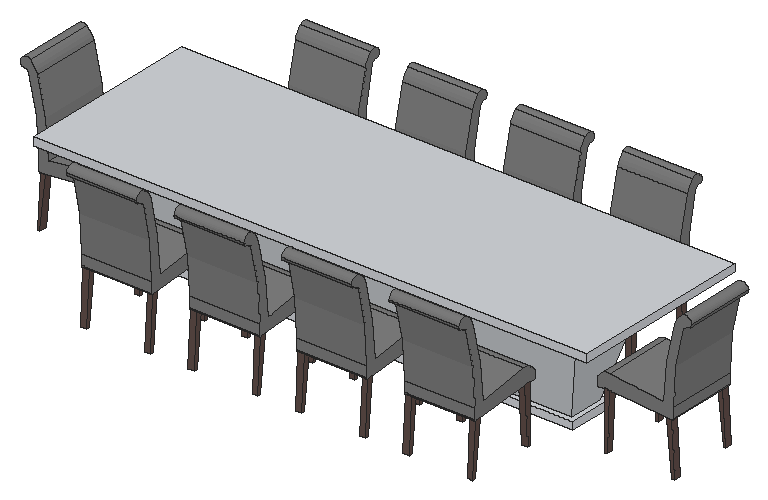
Revit family "Custom Size Dining Table", category Furniture Systems, Revit 2014
Parameters (values of type "3600 x 1200mm (10 Chairs)")
  Width = 1200 mm
  Table Material = none
  Number of Chairs = ((Length - 1000 mm) / Chair Space)  # 4
  Length = 3600 mm
  First Chair Position = (Length - ((Number of Chairs - 1) * Chair Space)) / 2  # 750 mm
  Chair Space = 700 mm
Types (4, lengths in mm): name | Number of Chairs | Length | First Chair Position
  (no name) | 4 | 3600 | 750
  2200 x 1200mm (6 Chairs) | 2 | 2200 | 750
  3600 x 1200mm (10 Chairs) | 4 | 3600 | 750
  2800 x 1200mm (8 Chairs) | 3 | 2800 | 700
Reference planes
  plane 1 "Center (Front/Back)": y = 0
  plane 2: z = 0
  plane 3 "Center (Left/Right)": x = 0
  plane 4: y = 600
  plane 5: y = -600
  plane 6: x = 1800
  plane 7: x = -1800
  plane 8: y = 700
Forms (mm)
  Extrusion 1, solid, material <- "Table Material"
    sketch origin (0, 0, 0) x (1, 0, 0) y (0, 1, 0)
      loop
        line (1800, 600) -> (-1800, 600) -> (-1800, -600) -> (1800, -600) -> (1800, 600)
    from 750 to 800
  Blend 2, solid, material <- "Table Material"
    base sketch origin (0, 0, 0) x (1, 0, 0) y (0, 1, 0)
      loop
        line (1300, 100) -> (-1300, 100) -> (-1300, -100) -> (1300, -100) -> (1300, 100)
    top sketch origin (0, 0, 0) x (1, 0, 0) y (0, 1, 0)
      loop
        line (-1500, 300) -> (-1500, -300) -> (1500, -300) -> (1500, 300) -> (-1500, 300)
    from 0 to 750
  Extrusion 3, solid, material <- "Table Material"
    sketch origin (0, 0, 0) x (1, 0, 0) y (0, 1, 0)
      loop
        line (-1350, 150) -> (-1350, -150) -> (1350, -150) -> (1350, 150) -> (-1350, 150)
    from 0 to 50
Cuts and joins
  joined: Blend 2, Extrusion 3
Dimensions and locks
  equal spacing: plane 5, plane 1 "Center (Front/Back)", plane 4
  equal spacing: plane 7, plane 3 "Center (Left/Right)", plane 6
  "Length": plane 7 to plane 6
  "Width": plane 4 to plane 5
  equal spacing: group 1, group 2, group 11, group 12  (x3)
  equal spacing: group 4, group 5, group 9, group 10  (x3)
  "First Chair Position": plane 7 to nested 3
  "First Chair Position": plane 7 to nested 8
  equal spacing: group 7, group 8, group 13, group 14  (x3)
  locked: plane 7 to Blend 2 sketch curve at 500
  locked: Blend 2 sketch curve to plane 6 at 500
  locked: plane 5 to Blend 2 sketch curve at 500
  locked: plane 4 to Blend 2 sketch curve at 500
  locked: plane 7 to Blend 2 sketch curve at 300
  locked: Blend 2 sketch curve to plane 4 at 300
  locked: Blend 2 sketch curve to plane 5 at 300
  locked: Blend 2 sketch curve to plane 6 at 300
  locked: Extrusion 3 sketch curve to plane 4 at 450
  locked: Extrusion 3 sketch curve to plane 5 at 450
  locked: Extrusion 3 sketch curve to plane 6 at 450
  locked: plane 7 to Extrusion 3 sketch curve at 450
  "Chair Space": nested 8 to nested 9
  "Chair Space": nested 3 to nested 4
  aligned and locked: level to plane 2
  aligned and locked: plane 4 to Extrusion 1 sketch curve
  aligned and locked: Extrusion 1 sketch curve to plane 6
  aligned and locked: plane 5 to Extrusion 1 sketch curve
  aligned and locked: plane 7 to Extrusion 1 sketch curve
  aligned and locked: nested 1 to plane 1 "Center (Front/Back)"
  aligned and locked: plane 6 to nested 1
  aligned and locked: plane 7 to nested 2
  aligned and locked: nested 3 to plane 4
  aligned and locked: nested 4 to plane 4
  aligned and locked: nested 8 to plane 5
  aligned and locked: nested 9 to plane 5
Nested families
  nested 1: "Upholstered_Dining_Chair_non-parametric_5394" at (1800, 228.6, 0) x (0, -1, 0) z (0, 0, 1), type "Upholstered chair"
    with Width ""
  nested 2: "Upholstered_Dining_Chair_non-parametric_5394" at (-1800, 228.6, 0) x (0, -1, 0) z (0, 0, 1), type "Upholstered chair"
    with Width ""
  nested 3: "Upholstered_Dining_Chair_non-parametric_5394" at (-1278.6, 600, 0), type "Upholstered chair"
    with Width ""
  nested 4: "Upholstered_Dining_Chair_non-parametric_5394" at (-578.6, 600, 0), type "Upholstered chair"
    with Width ""
  nested 5: "Upholstered_Dining_Chair_non-parametric_5394" at (-2428.6, 700, 0), type "Upholstered chair", not visible
    with Width ""
  nested 6: "Upholstered_Dining_Chair_non-parametric_5394" at (-2428.6, 700, 0), type "Upholstered chair", not visible
    with Width ""
  nested 7: "Upholstered_Dining_Chair_non-parametric_5394" at (-1695.267, 700, 0), type "Upholstered chair", not visible
    with Width ""
  nested 8: "Upholstered_Dining_Chair_non-parametric_5394" at (-821.4, -600, 0) x (-1, 0, 0) z (0, 0, 1), type "Upholstered chair"
    with Width ""
  nested 9: "Upholstered_Dining_Chair_non-parametric_5394" at (-121.4, -600, 0) x (-1, 0, 0) z (0, 0, 1), type "Upholstered chair"
    with Width ""
  nested 10: "Upholstered_Dining_Chair_non-parametric_5394" at (-961.933, 700, 0), type "Upholstered chair", not visible
    with Width ""
  nested 11: "Upholstered_Dining_Chair_non-parametric_5394" at (-228.6, 700, 0), type "Upholstered chair", not visible
    with Width ""
  nested 12: "Upholstered_Dining_Chair_non-parametric_5394" at (121.4, 600, 0), type "Upholstered chair"
    with Width ""
  nested 13: "Upholstered_Dining_Chair_non-parametric_5394" at (821.4, 600, 0), type "Upholstered chair"
    with Width ""
  nested 14: "Upholstered_Dining_Chair_non-parametric_5394" at (578.6, -600, 0) x (-1, 0, 0) z (0, 0, 1), type "Upholstered chair"
    with Width ""
  nested 15: "Upholstered_Dining_Chair_non-parametric_5394" at (1278.6, -600, 0) x (-1, 0, 0) z (0, 0, 1), type "Upholstered chair"
    with Width ""
Definition of nested family "Upholstered_Dining_Chair_non-parametric_5394"
  Parameters (values of type "Upholstered chair")
    Width [instance] = ""
    Frame = none
    Fabric = none
  Reference planes
    plane 1 "Center F/B": y = 0
    plane 2: z = 0
    plane 3 "Left": x = 0
    plane 4: x = 228.6
    plane 5: x = 457.2
  Forms (mm)
    Extrusion 1, solid, material "Fabric"
      sketch origin (0, 0, 0) x (0, 1, 0) y (0, 0, 1)
        loop
          line (264.152, 349.082) -> (264.152, 418.932)
          arc (264.152, 418.932) -> (281.025, 660.232) -> (331.317, 896.836) r 1733.812
          arc (331.317, 896.836) -> (350.65, 915.441) -> (376.356, 923.128) r 56.946
          arc (376.356, 923.128) -> (385.221, 932) -> (387.842, 944.265) r 22.134
          arc (387.842, 944.265) -> (362.253, 979.877) -> (318.86, 973.546) r 42.203
          arc (318.86, 973.546) -> (291.142, 941.882) -> (274.834, 903.089) r 131.624
          arc (274.834, 903.089) -> (221.378, 667.248) -> (199.339, 426.431) r 1838.411
          arc (199.339, 426.431) -> (30.34, 455.86) -> (-140.224, 474.153) r 2616.827
          arc (-140.224, 474.153) -> (-189.241, 463.395) -> (-224.34, 427.527) r 87.718
          line (-224.34, 427.527) -> (-224.34, 371.846) -> (-219.849, 367.356) -> (-210.048, 373.015)
          arc (-210.048, 373.015) -> (-104.778, 372.297) -> (0, 362.099) r 1167.365
          arc (0, 362.099) -> (126.213, 347.558) -> (253.033, 339.961) r 2315.789
          arc (253.033, 339.961) -> (260.75, 341.892) -> (264.152, 349.082) r 9.3
      from 0 to 455.836
    Extrusion 2, solid, material "Wood Frame"
      sketch origin (0, 0, 0) x (0, 1, 0) y (0, 0, 1)
        loop
          arc (273.774, 0) -> (259.861, 169.765) -> (253.033, 339.961) r 4087.301
          line (253.033, 339.961) -> (221.283, 339.961)
          arc (221.283, 339.961) -> (235.938, 169.595) -> (257.78, 0) r 4044.703
          line (257.78, 0) -> (273.774, 0)
      from 0 to 38.1
    Extrusion 3, solid, material "Wood Frame"
      sketch origin (0, 0, 0) x (0, 1, 0) y (0, 0, 1)
        loop
          line (-147.589, 373.739) -> (-182.894, 373.739) -> (-182.894, 0) -> (-166.936, 0) -> (-147.589, 373.739)
      from 0 to 38.1
    Extrusion 4, solid, material "Wood Frame"
      sketch origin (0, -0.149, 0) x (0, 1, 0) y (0, 0, 1)
        loop
          arc (273.774, 0) -> (259.861, 169.765) -> (253.033, 339.961) r 4087.301
          line (253.033, 339.961) -> (221.283, 339.961)
          arc (221.283, 339.961) -> (235.938, 169.595) -> (257.78, 0) r 4044.703
          line (257.78, 0) -> (273.774, 0)
      from 414.157 to 455.836
    Extrusion 5, solid, material "Wood Frame"
      sketch origin (419.1, 2.546, 0) x (0, 1, 0) y (0, 0, 1)
        loop
          line (-147.589, 373.739) -> (-182.894, 373.739) -> (-182.894, 0) -> (-166.936, 0) -> (-147.589, 373.739)
      from 0 to 38.1
  Dimensions and locks
    aligned and locked: Extrusion 1 to Extrusion 4
    aligned and locked: Extrusion 1 to plane 3 "Left"
